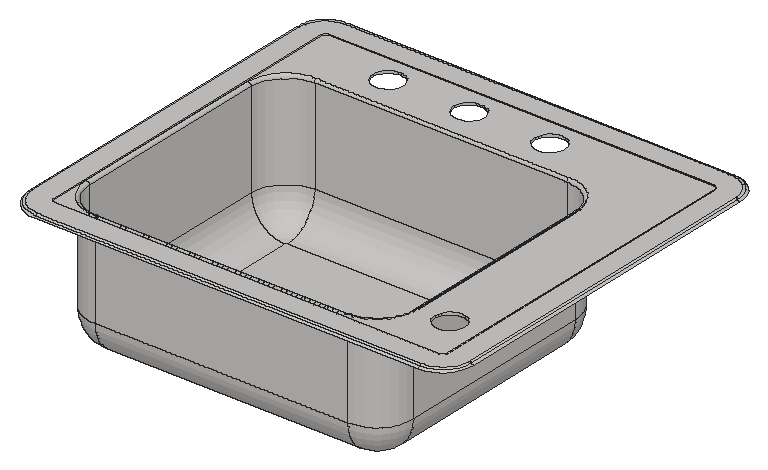
Revit family "Sink-Topmount-Acorn-CDADARB-2220-45,55,65_Series", category Plumbing Fixtures, host Face, Revit 2019
Family settings
  Host = Face
  Round Connector Dimension = Use Diameter
  Part Type = Normal
  OmniClass Number = 23.45.05.14.14
  OmniClass Title = Sinks/Lavatories
  Cut with Voids When Loaded = No
  Shared = Yes
  Room Calculation Point = No
Parameters (values of type "CDADARB-2220-65-3")
  cUPC Compliant = yes
  Width = 22"  # constant formula
  Waste Connection = no
  WFU = 4  # constant formula
  Vent Connection = no
  URL = "https://www.acorneng.com/home"
  Type Comments = "Back and Right Faucet Ledge"  # constant formula
  Right Faucet Hole Distance = 4"
  Right Faucet Hole Depth = 2"
  Revised Date = "11/21/2024"  # constant formula
  Product Page URL = "https://www.acorneng.com/acorn-sinks-faucet-ledge-cdadarb-2220"
  Product Documentation Link = "https://www.acorneng.com/uploads/fileLibrary/CDADARB-2220_pkt.pdf"
  Model = "CDADARB-2220-65-3"
  Material = "Stainless Steel-Acorn-Satin"  # constant formula
  Manufacturer = "Acorn"
  Length = 19 1/2"  # constant formula
  Left Faucet Hole Distance = 4"
  Left Faucet Hole Depth = 2"
  Installation Type = "Wall Mounted"
  Height = 6 1/2"
  HWFU = 3  # constant formula
  HW Connection = no
  Finish = Stainless Steel-Acorn-Satin
  Drain Opening Size = 3 1/2"
  Description = "Stainless Steel Drop In Sink"
  Default Elevation = 34"
  Deck Punching Hole Depth = 2"
  Creation Date = "23/12/2023"  # constant formula
  Compliance Certifications = "ASME A112.19.3/CSA B45.4, IAPMO® Certified"
  Central Faucet Hole Depth = 2"
  CWFU = 3  # constant formula
  CW Connection = no
  Bowl Width = 16"  # constant formula
  Bowl Length = 13 1/2"  # constant formula
  Assembly Code = "D2010440"
  ADA Compliant = yes
  -3 3 Holes on 4” Centers (8” Centerset) = yes
  -1 Single Hole Centered = no
  -0 Blank, No Deck Punching = no
  -2 2 Holes on 4” Centers (4” Centerset) = no
Types (13): name | Right Faucet Hole Distance | Right Faucet Hole Depth | Model | Left Faucet Hole Distance | Left Faucet Hole Depth | Height | Deck Punching Hole Depth | Central Faucet Hole Depth | -3 3 Holes on 4” Centers (8” Centerset) | -1 Single Hole Centered | -0 Blank, No Deck Punching | -2 2 Holes on 4” Centers (4” Centerset)
  (no name) | 4" | 2" | "CDADARB-2220-65-3" | 4" | 2" | 6 1/2" | 2" | 2" | yes | no | no | no
  CDADARB-2220-55-0 | 4" | 1" | "CDADARB-2220-55-0" | 4" | 1" | 5 1/2" | 1" | 1" | no | no | yes | no
  CDADARB-2220-55-1 | 4" | 1" | "CDADARB-2220-55-1" | 4" | 1" | 5 1/2" | 2" | 2" | no | yes | no | no
  CDADARB-2220-55-2 | 2" | 2" | "CDADARB-2220-55-2" | 2" | 2" | 5 1/2" | 2" | 1" | no | no | no | yes
  CDADARB-2220-55-3 | 4" | 2" | "CDADARB-2220-55-3" | 4" | 2" | 5 1/2" | 2" | 2" | yes | no | no | no
  CDADARB-2220-45-0 | 4" | 1" | "CDADARB-2220-45-0" | 4" | 1" | 4 1/2" | 1" | 1" | no | no | yes | no
  CDADARB-2220-45-1 | 4" | 1" | "CDADARB-2220-45-1" | 4" | 1" | 4 1/2" | 2" | 2" | no | yes | no | no
  CDADARB-2220-45-2 | 2" | 2" | "CDADARB-2220-45-2" | 2" | 2" | 4 1/2" | 2" | 1" | no | no | no | yes
  CDADARB-2220-45-3 | 4" | 2" | "CDADARB-2220-45-3" | 4" | 2" | 4 1/2" | 2" | 2" | yes | no | no | no
  CDADARB-2220-65-0 | 4" | 1" | "CDADARB-2220-65-0" | 4" | 1" | 6 1/2" | 1" | 1" | no | no | yes | no
  CDADARB-2220-65-1 | 4" | 1" | "CDADARB-2220-65-1" | 4" | 1" | 6 1/2" | 2" | 2" | no | yes | no | no
  CDADARB-2220-65-2 | 2" | 2" | "CDADARB-2220-65-2" | 2" | 2" | 6 1/2" | 2" | 1" | no | no | no | yes
  CDADARB-2220-65-3 | 4" | 2" | "CDADARB-2220-65-3" | 4" | 2" | 6 1/2" | 2" | 2" | yes | no | no | no
Reference planes (in)
  plane 1 "Center (Front/Back)": y = 0
  plane 2: z = 0
  plane 3 "Center (Left/Right)": x = 0
  plane 4: z = -6.5
  plane 5: z = 2
  plane 6: z = 0
  plane 7: z = 0
  plane 8: z = 0
  plane 9: x = -9.5
  plane 10: x = 12.5
  plane 11: y = -17.875
  plane 12: y = -2.625
  plane 13: y = -4.375
  plane 14: y = -11.125
  plane 15: z = -6.4375
  plane 16: y = -19.5
  plane 17: x = 9.75
  plane 18: y = -16
  plane 19: x = -8
  plane 20: x = 8
  plane 21: x = -4
  plane 22: x = 4
Forms (in)
  Extrusion 1, solid, material "Stainless Steel-Acorn-Satin" <- "Finish"
    sketch origin (-18.07586, 1.04906, -0.59717) x (1, 0, 0) y (0, 1, 0)
      loop
        circle (18.07586, -12.17406) r 1.75
      loop
        arc (24.38836, -7.17406) -> (24.37008, -7.12992) -> (24.32594, -7.11164) r 0.06242
        line (24.32594, -7.11164) -> (11.82586, -7.11164)
        arc (11.82586, -7.11164) -> (11.78172, -7.12992) -> (11.76344, -7.17406) r 0.06242
        line (11.76344, -7.17406) -> (11.76344, -17.17406)
        arc (11.76344, -17.17406) -> (11.78172, -17.21819) -> (11.82586, -17.23647) r 0.06242
        line (11.82586, -17.23647) -> (24.32594, -17.23647)
        arc (24.32594, -17.23647) -> (24.37008, -17.21819) -> (24.38836, -17.17406) r 0.06242
        line (24.38836, -17.17406) -> (24.38836, -7.17406)
    from -5.90283 to -5.84033
  Sweep 2, solid, material "Stainless Steel-Acorn-Satin" <- "Finish"
    path origin (0.50008, 0.25, 0) x (1, 0, 0) y (0, 1, 0)
      loop
        line (-8.50008, -6.375) -> (-8.50008, -16.375)
        arc (-8.50008, -16.375) -> (-7.98752, -17.61244) -> (-6.75008, -18.125) r 1.75
        line (-6.75008, -18.125) -> (5.75, -18.125)
        arc (5.75, -18.125) -> (6.98744, -17.61244) -> (7.5, -16.375) r 1.75
        line (7.5, -16.375) -> (7.5, -6.375)
        arc (7.5, -6.375) -> (6.98744, -5.13756) -> (5.75, -4.625) r 1.75
        line (5.75, -4.625) -> (-6.75008, -4.625)
        arc (-6.75008, -4.625) -> (-7.98752, -5.13756) -> (-8.50008, -6.375) r 1.75
    profile origin (-8, -11.125, 0) x (1, 0, 0) y (0, 0, 1)
      loop
        line (-0.15271, 0.09698) -> (-0.21339, 0.09698) -> (-0.21339, 0) -> (-0.11121, 0)
        arc (-0.11121, 0) -> (-0.07671, -0.01429) -> (-0.06242, -0.0488) r 0.0488
        line (-0.06242, -0.0488) -> (-0.06242, -4.75)
        arc (-0.06242, -4.75) -> (0.45015, -5.98744) -> (1.68758, -6.5) r 1.75
        line (1.68758, -6.5) -> (1.68758, -6.4375)
        arc (1.68758, -6.4375) -> (0.49434, -5.94324) -> (0.00008, -4.75) r 1.6875
        line (0.00008, -4.75) -> (0.00008, -0.05581)
        arc (0.00008, -0.05581) -> (-0.04467, 0.05223) -> (-0.15271, 0.09698) r 0.15279
  Extrusion 3, void
    sketch origin (0, 0, 0) x (1, 0, 0) y (0, 1, 0)
      loop
        line (-9.5, -1.5) -> (-9.5, -18)
        arc (-9.5, -18) -> (-9.06066, -19.06066) -> (-8, -19.5) r 1.5
        line (-8, -19.5) -> (11, -19.5)
        arc (11, -19.5) -> (12.06066, -19.06066) -> (12.5, -18) r 1.5
        line (12.5, -18) -> (12.5, -1.5)
        arc (12.5, -1.5) -> (12.06066, -0.43934) -> (11, 0) r 1.5
        line (11, 0) -> (-8, 0)
        arc (-8, 0) -> (-9.06066, -0.43934) -> (-9.5, -1.5) r 1.5
    from -21.11575 to 12
  Extrusion 4, void
    sketch origin (0, 0, 0) x (1, 0, 0) y (0, 1, 0)
      loop
        circle (-4, -2.625) r 0.75
    from 0 to 2
  Extrusion 5, void
    sketch origin (2, 0, 0) x (1, 0, 0) y (0, 1, 0)
      loop
        circle (-2, -2.625) r 0.75
    from 0 to 2
  Extrusion 6, void
    sketch origin (4, 0, 0) x (1, 0, 0) y (0, 1, 0)
      loop
        circle (0, -2.625) r 0.75
    from 0 to 2
  Extrusion 7, void
    sketch origin (0, 0, 0) x (1, 0, 0) y (0, 1, 0)
      loop
        circle (9.75, -16) r 0.75
    from 0 to 2
  Sweep 8, solid, material "Stainless Steel-Acorn-Satin" <- "Finish"
    path origin (-0.24047, 0, 0) x (1, 0, 0) y (0, 1, 0)
      loop
        arc (-7.75953, 0) -> (-8.82019, -0.43934) -> (-9.25953, -1.5) r 1.5
        line (-9.25953, -1.5) -> (-9.25953, -18)
        arc (-9.25953, -18) -> (-8.82019, -19.06066) -> (-7.75953, -19.5) r 1.5
        line (-7.75953, -19.5) -> (11.24047, -19.5)
        arc (11.24047, -19.5) -> (12.30113, -19.06066) -> (12.74047, -18) r 1.5
        line (12.74047, -18) -> (12.74047, -1.5)
        arc (12.74047, -1.5) -> (12.30113, -0.43934) -> (11.24047, 0) r 1.5
        line (11.24047, 0) -> (-7.75953, 0)
    profile origin (1.5, 0, 0) x (0, 1, 0) y (0, 0, 1)
      loop
        line (-0.00024, 0) -> (-0.08808, 0.07113)
        arc (-0.08808, 0.07113) -> (-0.14336, 0.10209) -> (-0.20581, 0.11282) r 0.18708
        line (-0.20581, 0.11282) -> (-1.25, 0.11282) -> (-1.25, 0) -> (-0.00024, 0)
  Extrusion 9, solid, material "Stainless Steel-Acorn-Satin" <- "Finish"
    sketch origin (3.00008, 0.25, 0) x (-1, 0, 0) y (0, -1, 0)
      loop
        arc (9.25008, 4.41161) -> (10.63841, 4.98667) -> (11.21347, 6.375) r 1.96339
        line (11.21347, 6.375) -> (11.21347, 16.375)
        arc (11.21347, 16.375) -> (10.63841, 17.76333) -> (9.25008, 18.33839) r 1.96339
        line (9.25008, 18.33839) -> (-3.25, 18.33839)
        arc (-3.25, 18.33839) -> (-4.63833, 17.76333) -> (-5.21339, 16.375) r 1.96339
        line (-5.21339, 16.375) -> (-5.21339, 6.375)
        arc (-5.21339, 6.375) -> (-4.63833, 4.98667) -> (-3.25, 4.41161) r 1.96339
        line (-3.25, 4.41161) -> (9.25008, 4.41161)
      loop
        line (-8, 1.5) -> (11, 1.5)
        arc (11, 1.5) -> (11.17678, 1.57322) -> (11.25, 1.75) r 0.25
        line (11.25, 1.75) -> (11.25, 18.25)
        arc (11.25, 18.25) -> (11.17678, 18.42678) -> (11, 18.5) r 0.25
        line (11, 18.5) -> (-8, 18.5)
        arc (-8, 18.5) -> (-8.17678, 18.42678) -> (-8.25, 18.25) r 0.25
        line (-8.25, 18.25) -> (-8.25, 1.75)
        arc (-8.25, 1.75) -> (-8.17678, 1.57322) -> (-8, 1.5) r 0.25
    from 0 to 0.09698
Cuts and joins
  Extrusion 4, Extrusion 5, Extrusion 6, Extrusion 7 cuts Extrusion 1
  Extrusion 4, Extrusion 5, Extrusion 6, Extrusion 7 cuts Sweep 2
  Extrusion 4, Extrusion 5, Extrusion 6, Extrusion 7 cuts Extrusion 9
  joined: Extrusion 1, Sweep 2, Extrusion 9
Dimensions and locks (in)
  host face to plane 4 = 6 1/2"
  "Left Faucet Hole Depth": plane 5 to plane 6
  "Right Faucet Hole Depth": plane 5 to plane 8
  "Central Faucet Hole Depth": plane 5 to plane 7
  "Width": plane 9 to plane 10
  plane 13 to plane 14 = 6 3/4"
  locked: plane 15 to plane 4 at 0.0625
  "Height": level to plane 4
  "Height": level to Sweep 2 sketch curve
  locked: Sweep 2 sketch curve to Sweep 2 sketch curve at 0.0625
  locked: plane 12 to plane 13 at 1.75
  "Bowl Length": plane 13 to plane 11
  "Length": plane 16 to plane 1 "Center (Front/Back)"
  plane 11 to plane 16 = 1 5/8"
  plane 18 to plane 11 = 1 7/8"
  plane 9 to plane 3 "Center (Left/Right)" = 9 1/2"
  plane 9 to plane 19 = 1 1/2"
  "Bowl Width": plane 19 to plane 20
  plane 20 to plane 17 = 1 3/4"
  "Left Faucet Hole Distance": plane 21 to plane 3 "Center (Left/Right)"
  "Right Faucet Hole Distance": plane 3 "Center (Left/Right)" to plane 22
  "Deck Punching Hole Depth": plane 5 to Extrusion 7
  diameter of Extrusion 7 sketch curve = 1 1/2"
  aligned and locked: host face to plane 2
  aligned and locked: host face to level
  aligned and locked: plane 5 to Extrusion 4
  aligned and locked: plane 3 "Center (Left/Right)" to Extrusion 5 sketch curve
  aligned and locked: Extrusion 4 to plane 6
  aligned and locked: Extrusion 5 to plane 7
  aligned and locked: plane 8 to Extrusion 6
  aligned and locked: plane 12 to Extrusion 4 sketch curve
  aligned and locked: plane 12 to Extrusion 5 sketch curve
  aligned and locked: plane 12 to Extrusion 6 sketch curve
  aligned and locked: plane 14 to Extrusion 1 sketch curve
  aligned and locked: plane 3 "Center (Left/Right)" to Extrusion 1 sketch curve
  aligned and locked: plane 17 to Extrusion 7 sketch curve
  aligned and locked: plane 18 to Extrusion 7 sketch curve
  aligned and locked: plane 10 to Sweep 8 sketch curve
  aligned and locked: plane 9 to Sweep 8 sketch curve
  aligned and locked: plane 1 "Center (Front/Back)" to Sweep 8 sketch curve
  aligned and locked: plane 16 to Sweep 8 sketch curve
  aligned and locked: cut or joined group of Extrusion 1, Sweep 2, Extrusion 4, Extrusion 5, Extrusion 6, Extrusion 7, Extrusion 9 to plane 4
  aligned and locked: cut or joined group of Extrusion 1, Sweep 2, Extrusion 4, Extrusion 5, Extrusion 6, Extrusion 7, Extrusion 9 to plane 15
  aligned and locked: Extrusion 4 sketch curve to plane 21
  aligned and locked: plane 22 to Extrusion 6 sketch curve
  aligned and locked: plane 5 to Extrusion 7
Automatic sketch dimensions
  host sketch curve to host sketch curve = 161.60125"
  host sketch curve to host sketch curve = 96"
  Extrusion 1 sketch curve to plane 18 = 1/8"
  Extrusion 1 sketch curve to Extrusion 1 sketch curve = 0.06242"  (x3)
  Extrusion 1 sketch curve to plane 13 = 1 3/4"
  Sweep 2 sketch curve to plane 13 = 0"
  Sweep 2 sketch curve to plane 11 = 0"
  plane 9 to Sweep 2 sketch curve = 1 1/2"
  Sweep 2 sketch curve to plane 18 = 1/8"  (x2)
  Sweep 2 sketch curve to Sweep 2 sketch curve = 0"  (x2)
  Sweep 2 sketch curve to profile plane = 0"
  profile plane to Sweep 2 sketch curve = 0.09698"
  profile plane to Sweep 2 sketch curve = 0.21339"
  Sweep 2 sketch curve to Sweep 2 sketch curve = 0.06068"
  Sweep 2 sketch curve to Sweep 2 sketch curve = 0.0415"
  profile plane to Sweep 2 sketch curve = 0.06242"
  Sweep 2 sketch curve to Sweep 2 sketch curve = 1 11/16"
  Extrusion 3 sketch curve to plane 9 = 0"
  Extrusion 3 sketch curve to plane 16 = 0"
  plane 1 "Center (Front/Back)" to Extrusion 3 sketch curve = 0"
  Extrusion 3 sketch curve to plane 10 = 0"
  Extrusion 3 sketch curve to Extrusion 3 sketch curve = 1 1/2"
  plane 9 to Extrusion 3 sketch curve = 1 1/2"
  Extrusion 3 sketch curve to plane 11 = 1/8"
  plane 12 to Extrusion 3 sketch curve = 1 1/8"
  plane 12 to Sweep 8 sketch curve = 1 1/8"
  Sweep 8 sketch curve to plane 11 = 1/8"  (x2)
  plane 10 to Sweep 8 sketch curve = 1 1/2"
  Sweep 8 sketch curve to profile plane = 0"
  profile plane to Sweep 8 sketch curve = 1 1/4"
  profile plane to Sweep 8 sketch curve = 0.11282"
  profile plane to Sweep 8 sketch curve = 0.20581"
  profile plane to Sweep 8 sketch curve = 0.07113"
  profile plane to Sweep 8 sketch curve = 0.08808"
  profile plane to Sweep 8 sketch curve = 0.00024"
  Extrusion 9 sketch curve to plane 11 = 1/8"  (x2)
  plane 10 to Extrusion 9 sketch curve = 1.24992"
  Extrusion 9 sketch curve to Extrusion 9 sketch curve = 1/4"  (x2)
  Extrusion 9 sketch curve to plane 18 = 1/8"  (x2)
  Extrusion 9 sketch curve to Extrusion 9 sketch curve = 2.78661"
  Extrusion 9 sketch curve to Extrusion 9 sketch curve = 1.96339"  (x2)
  Extrusion 9 sketch curve to plane 11 = 0.21339"
  plane 9 to Extrusion 9 sketch curve = 1.50008"  (x2)
  Extrusion 9 sketch curve to plane 13 = 1 3/4"
  plane 12 to Extrusion 9 sketch curve = 1 1/8"
  plane 19 to Extrusion 1 sketch curve = 1 3/4"
  plane 19 to Sweep 2 sketch curve = 1 3/4"
  plane 19 to Extrusion 9 sketch curve = 1 3/4"
  Extrusion 1 sketch curve to plane 20 = 1.74992"  (x2)
  Sweep 2 sketch curve to plane 20 = 1.74992"  (x2)
  radius of Extrusion 1 sketch curve = 1 3/4"
  radius of Extrusion 4 sketch curve = 3/4"
  radius of Extrusion 5 sketch curve = 3/4"
  radius of Extrusion 6 sketch curve = 3/4"
